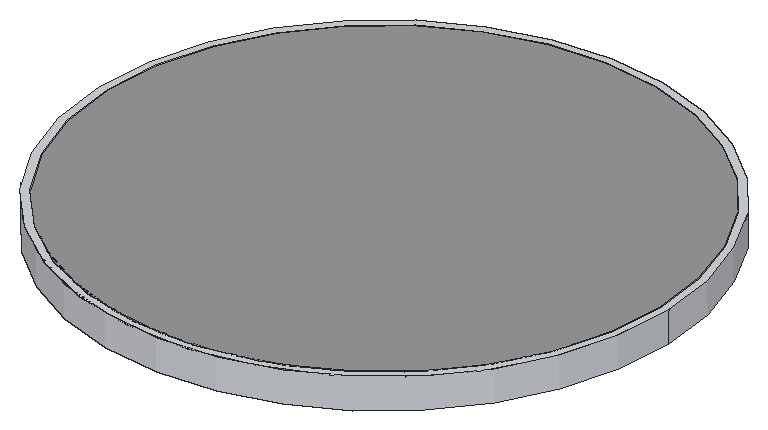
Revit family "2071295", category Lighting Fixtures, host Face, Revit 2018
Family settings
  Host = Face
  Round Connector Dimension = Use Diameter
  Part Type = Junction Box
  OmniClass Number = 23.80.70.00
  OmniClass Title = Lighting
  Cut with Voids When Loaded = No
  Light Source = Yes
  Shared = No
  Room Calculation Point = No
Parameters (values of type "2071295 COLOSSAL 1200 840 PR DIR WHT SSA02")
  iner diameter = 1168 mm
  Weight = "n/a"
  Wattage Comments = ""
  Wattage = 30 W
  WarrantyStartDate [instance] = "n/a"
  WarrantyGuarantorParts = "n/a"
  WarrantyDurationUnit = "n/a"
  WarrantyDurationParts = ""
  WarrantyDescription = "http://www.sylvania-lighting.com"
  built-in parameter 1150110 = 1 (stored number, unit not read)
  Voltage = 230 V
  URL = "0.95"
  TypeName = "COLOSSAL 1200mm 840 PRISM DIR WHITE SSA02"
  Type Image = <None>
  Type Comments = "n/a"
  built-in parameter 1114217 = 1 (stored number, unit not read)
  Tilt Angle = -90.00°
  built-in parameter 1150109 = 1 (stored number, unit not read)
  built-in parameter 1150134 = (empty or 0)
  built-in parameter 1150113 = 1 (stored number, unit not read)
  SerialNumber [instance] = "n/a"
  Photometric Web File = "2071295.ies"
  Material_3_SYL = LED-Sylvania
  PowerFactor = 0
  PowerConsumption = "Lighting"
  NominalLength = 1168 mm
  NominalHeight = 93 mm
  NominalDepth = 1168 mm
  Name = "COLOSSAL 1200mm 840 PRISM DIR WHITE SSA02"
  ModelReference = Name  # "COLOSSAL 1200mm 840 PRISM DIR WHITE SSA02"
  ModelNumber = "2071295"
  Model = Name  # "COLOSSAL 1200mm 840 PRISM DIR WHITE SSA02"
  Material = "Feilo Sylvania"
  ManufacturerName = "138 lm/W"
  Manufacturer = ""
  LuminousEfficacy = ""
  built-in parameter 1150105 = 270.44 (stored number, unit not read)
  Lumens = 3398.4 lm
  LuminaireType = "0"
  built-in parameter 1150115 = 1 (stored number, unit not read)
  LightOutputRatio = "LED"
  built-in parameter 1150137 = (empty or 0)
  built-in parameter 1150139 = (empty or 0)
  LampsType = Lamp  # "n/a"
  LampNominalLuminous = "4000 K"
  LampMacAdamStep = "80"
  LampColourTemperature = "LED"
  LampColourRenderingIndex = "16500"
  built-in parameter 1150112 = 1 (stored number, unit not read)
  built-in parameter 1150114 = 1 (stored number, unit not read)
  Lamp = "n/a"
  Keynote = "n/a"
  InstallationDate [instance] = "n/a"
  InputVoltage = "0"
  InputNominalFrequency = "4000"
  built-in parameter 1150132 = (empty or 0)
  built-in parameter 1150102 = (empty or 0)
  built-in parameter 1150107 = 3000 (stored number, unit not read)
  built-in parameter 1150138 = (empty or 0)
  IngressProtection = "IfcLightFixtureType"
  ImpactProtectionIndex = "IfcLightFixtureType"
  built-in parameter 1150106 = 2.7044 (stored number, unit not read)
  IfcExportType = "IfcLightFixtureType"
  IfcExportAs = "Class I"
  Emit from Circle Diameter = 385 mm
  Emit Shape Visible in Rendering = no
  ElectricShockClassification = "138"
  built-in parameter 1150104 = 10.524 (stored number, unit not read)
  DocumentationLiterature = "http://www.sylvania-lighting.com/product/en-int/products/2071295"
  DimmingControlOptions = "n/a"
  Material_2_SYL = Polycarbonate_Sylvania_White
  Dimming Lamp Color Temperature Shift = <None>
  Description = "1200mm diameter circular architectural luminaire, can be surface mounted or suspended. Powder coated aluminium housing (RAL9016) with PMMA prismatic diffuser. Direct light distribution, 16510lm luminuous flux, 120W system power, 138lm/W luminiaire efficacy. Sylsmart Connected enabled. Colour rendering index Ra >80, 4000K Neutral White LED, chromaticity tolerance of 3-step MacAdam ellipse. IP40/IP20, IK03. 350mA drive current. UGR≤19. Electrical protection Class1, 220-240V. Reported lifetime 66k hours L90B10."
  Default Elevation = 1219.2 mm
  CreatedOn = "23/03/2022"
  CreatedBy = "@sylvania-lighting.com"
  Cost = 0
  Color Filter = 16777215
  built-in parameter 1114216 [instance] = (empty or 0)
  ClassificationValue = "EF_70_80"
  ClassificationName = "Uniclass2015"
  Material_1_SYL = Polycarbonate_Sylvania_Opal
  BarCode [instance] = "n/a"
  built-in parameter 1114218 = 1 (stored number, unit not read)
  built-in parameter 1150133 = 10 (stored number, unit not read)
  AssetType = "Fixed"
  AssetIdentifier [instance] = "n/a"
  Assembly Code = "D5020200"
  Apparent Load = 120 VA
  Material_4_SYL = none
Reference planes
  plane 1 "Center (Front/Back)": y = 0
  plane 2: z = 0
  plane 3 "Center (Left/Right)": x = 0
  plane 4: z = 1.161
  plane 5: z = 16.161
  plane 6: y = 584
  plane 7: y = -584
  plane 8: x = 85
  plane 9: x = -85
  plane 10: through (0, 0, 1219.2) normal (0.5, 0.866, 0)
  plane 11: through (42.5, 73.612, 1219.2) normal (0.5, 0.866, 0)
  plane 12: through (-42.5, -73.612, 1219.2) normal (0.5, 0.866, 0)
  plane 13: through (0, 0, 1219.2) normal (0.5, -0.866, 0)
  plane 14: through (-42.5, 73.612, 1219.2) normal (0.5, -0.866, 0)
  plane 15: through (42.5, -73.612, 1219.2) normal (0.5, -0.866, 0)
  plane 16: z = 93
  plane 17: y = 584
  plane 18: y = -584
  plane 19: y = -429
  plane 20: x = -584
  plane 21: x = 584
Forms (mm)
  Extrusion 1, solid, detail levels medium+fine
    sketch origin (0, 0, 0) x (0.866025, -0.5, 0) y (0.5, 0.866025, 0)
      loop
        circle (-50, 86.603) r 22
    from 0 to 2
  Extrusion 2, solid, detail levels medium+fine
    sketch origin (0, 0, 0) x (0.866025, -0.5, 0) y (0.5, 0.866025, 0)
      loop
        circle (100, 0) r 22
      loop
        circle (-50, -86.603) r 22
    from 0 to 2
  Extrusion 3, solid, detail levels medium+fine
    sketch origin (0, 0, 0) x (1, 0, 0) y (0, 1, 0)
      loop
        circle (0, 0) r 584
    from 30 to 93
  Extrusion 4, void
    sketch origin (0, 0, 0) x (1, 0, 0) y (0, 1, 0)
      loop
        circle (0, 0) r 568
    from 96.588 to 37.292
  Extrusion 5, solid, material "Glass, White, High Luminance", detail levels fine
    sketch origin (0, 0, 0) x (1, 0, 0) y (0, 1, 0)
      loop
        circle (0, 0) r 568
    from 88.022 to 93
  Extrusion 6, solid, detail levels coarse
    sketch origin (0, 0, 0) x (1, 0, 0) y (0, 1, 0)
      loop
        line (-584, 584) -> (-584, -584) -> (584, -584) -> (584, 584) -> (-584, 584)
    from 0 to 93
  Blend 7, solid, detail levels medium+fine
    base sketch origin (-10.814, 11.299, 29.922) x (1, 0, 0) y (0, 1, 0)
      loop
        line (-402.654, -330.622) -> (397.346, -330.622) -> (482.346, -183.398) -> (82.346, 509.423) -> (-87.654, 509.423) -> (-487.654, -183.398) -> (-402.654, -330.622)
    top sketch origin (-10.814, 11.299, 29.922) x (1, 0, 0) y (0, 1, 0)
      loop
        line (-363.391, -306.496) -> (364.632, -306.496) -> (449.632, -159.272) -> (87.132, 468.597) -> (-82.868, 468.597) -> (-445.368, -159.272) -> (-363.391, -306.496)
    from 0 to -30
Cuts and joins
  Extrusion 4 cuts Extrusion 1
  Extrusion 4 cuts Extrusion 2
  Extrusion 4 cuts Extrusion 3
Lines and regions (mm)
  model lines, detail levels medium+fine
    curve 1: circle (0, 0, 0) r 155 normal (0, 0, 1)
  reference lines
    curve 2: circle (0, 0, 0) r 489 normal (0, 0, 1)
    curve 3: circle (0, 0, 0) r 521 normal (0, 0, 1)
    curve 4: line (0, 0, 0) -> (606.218, -350, 0)
    curve 5: line (0, 0, 0) -> (0, 825, 0)
    curve 6: line (0, 0, 0) -> (-623.538, -360, 0)
    curve 7: line (639.013, -270.785, 0) -> (85, 49.075, 0)
    curve 8: line (563.718, -423.612, 0) -> (0, -98.15, 0)
    curve 9: line (85, 49.075, 0) -> (85, 825, 0)
    curve 10: line (-85, 49.075, 0) -> (-85, 825, 0)
    curve 11: line (-85, 49.075, 0) -> (-666.038, -286.388, 0)
    curve 12: line (-581.038, -433.612, 0) -> (0, -98.15, 0)
Dimensions and locks
  plane 4 to level = 1.161 mm
  locked: plane 5 to plane 4 at 15
  "NominalDepth": plane 6 to plane 7
  plane 6 to plane 1 "Center (Front/Back)" to plane 7 = 584 mm, 584 mm
  "NominalHeight": level to plane 16
  equal spacing: plane 17, plane 1 "Center (Front/Back)", plane 18
  "NominalLength": plane 20 to plane 21
  equal spacing: plane 20, plane 3 "Center (Left/Right)", plane 21
  aligned and locked: plane 2 to host face
  aligned and locked: level to host face
  aligned and locked: plane 6 to Extrusion 6
Automatic sketch dimensions
  host sketch curve to host sketch curve = 2438.4 mm  (x2)
  Extrusion 1 sketch curve to plane 3 "Center (Left/Right)" = 0 mm
  Extrusion 1 sketch curve to plane 1 "Center (Front/Back)" = 100 mm
  plane 1 "Center (Front/Back)" to Extrusion 2 sketch curve = 50 mm
  Extrusion 2 sketch curve to plane 3 "Center (Left/Right)" = 86.603 mm
  Extrusion 2 sketch curve to Extrusion 2 sketch curve = 150 mm
  Extrusion 2 sketch curve to Extrusion 2 sketch curve = 86.603 mm
  plane 1 "Center (Front/Back)" to curve 1 = 0 mm
  curve 1 to plane 3 "Center (Left/Right)" = 0 mm
  plane 1 "Center (Front/Back)" to Extrusion 3 sketch curve = 0 mm
  Extrusion 3 sketch curve to plane 3 "Center (Left/Right)" = 0 mm
  plane 1 "Center (Front/Back)" to Extrusion 4 sketch curve = 0 mm
  Extrusion 4 sketch curve to plane 3 "Center (Left/Right)" = 0 mm
  plane 1 "Center (Front/Back)" to Extrusion 5 sketch curve = 0 mm
  Extrusion 5 sketch curve to plane 3 "Center (Left/Right)" = 0 mm
  curve 2 to curve 3 = 0 mm  (x2)
  curve 11 to plane 14 = 0 mm
  curve 6 to plane 13 = 0 mm
  curve 12 to plane 15 = 0 mm
  curve 10 to plane 9 = 0 mm
  curve 12 to plane 3 "Center (Left/Right)" = 0 mm
  plane 1 "Center (Front/Back)" to curve 3 = 0 mm
  curve 3 to plane 3 "Center (Left/Right)" = 0 mm
  curve 7 to plane 8 = 0 mm
  curve 11 to plane 10 = 0 mm
  curve 12 to plane 19 = 4.612 mm
  plane 19 to curve 6 = 69 mm
  plane 19 to curve 11 = 142.612 mm
  plane 19 to curve 8 = 5.388 mm
  plane 19 to curve 4 = 79 mm
  plane 19 to curve 7 = 158.215 mm
  plane 6 to curve 5 = 241 mm
  curve 10 to curve 5 = 0 mm
  curve 5 to curve 9 = 0 mm
  plane 1 "Center (Front/Back)" to curve 6 = 0 mm
  curve 6 to plane 3 "Center (Left/Right)" = 0 mm
  Extrusion 6 sketch curve to plane 7 = 0 mm
  Extrusion 6 sketch curve to plane 6 = 0 mm
  Blend 7 sketch curve to plane 6 = 756.098 mm  (x2)
  Blend 7 sketch curve to Blend 7 sketch curve = 85 mm
  plane 3 "Center (Left/Right)" to Blend 7 sketch curve = 386.532 mm
  plane 8 to Blend 7 sketch curve = 386.532 mm
  Blend 7 sketch curve to plane 6 = 63.278 mm
  Blend 7 sketch curve to plane 6 = 731.972 mm  (x2)
  Blend 7 sketch curve to Blend 7 sketch curve = 81.977 mm
  plane 3 "Center (Left/Right)" to Blend 7 sketch curve = 353.818 mm
  plane 8 to Blend 7 sketch curve = 353.818 mm
  Blend 7 sketch curve to plane 6 = 104.104 mm
  plane 12 to curve 8 = 0 mm
  plane 19 to Blend 7 sketch curve = 109.677 mm
  plane 19 to Blend 7 sketch curve = 133.803 mm
  plane 8 to Extrusion 6 sketch curve = 499 mm
  Extrusion 6 sketch curve to plane 9 = 499 mm
  Blend 7 sketch curve to plane 8 = 13.468 mm
  Blend 7 sketch curve to plane 9 = 13.468 mm
  Blend 7 sketch curve to plane 9 = 328.468 mm
  Blend 7 sketch curve to plane 8 = 8.682 mm
  Blend 7 sketch curve to plane 9 = 8.682 mm
  Blend 7 sketch curve to plane 9 = 289.205 mm
  plane 10 to curve 4 = 0 mm
  plane 11 to curve 7 = 0 mm
  curve 12 to plane 12 = 0 mm
  curve 9 to plane 11 = 0 mm
  radius of Extrusion 1 sketch curve = 22 mm
  radius of Extrusion 2 sketch curve = 22 mm  (x2)
  radius of curve 1 = 155 mm
  radius of Extrusion 3 sketch curve = 584 mm
  radius of Extrusion 4 sketch curve = 568 mm
  radius of Extrusion 5 sketch curve = 568 mm
  radius of curve 2 = 489 mm
  radius of curve 3 = 521 mm
Connectors
  electrical at (0, 0, 30)
    settings: on cut or joined group of Extrusion 3, Extrusion 4, index 1, voltage 0 V, apparent load 0 VA, apparent load phase1 0 VA, apparent load phase2 0 VA, apparent load phase3 0 VA, power factor 1, load classification "Other", number of poles 1, system type 31, power factor state 1, is connector primary yes, connector utility no, sub classification motor no, connector description ""
